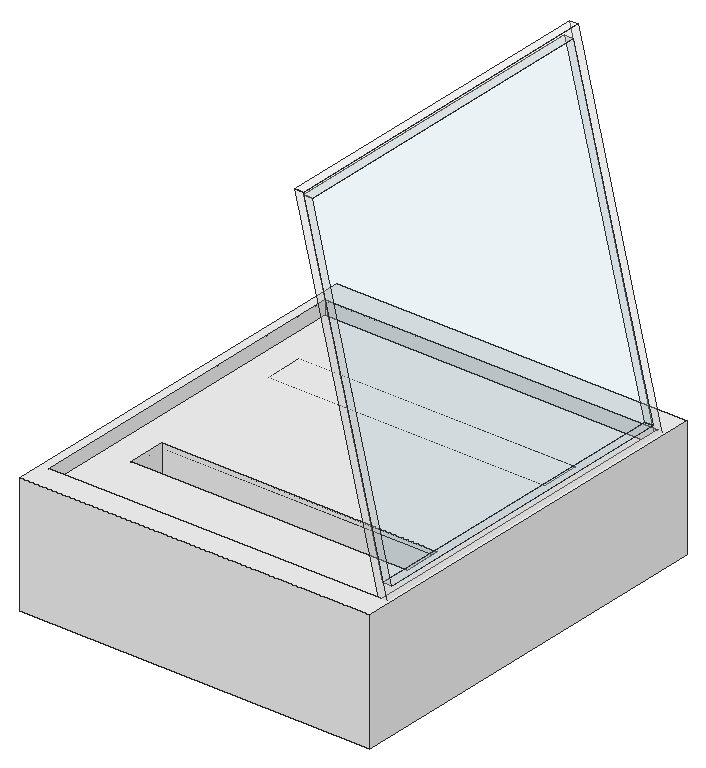
Revit family "Building-SurfaceMountingEnclosures-GEWISS-40CDK-ENCLOSURES_IP65_2X", category Apparecchi elettrici, host Superficie, Revit 2016
Family settings
  Host = Superficie
  Mantenere orientamento annotazione = Sì
  Tipo di parte = Normale
  Quota connettore circolare = Usa diametro
  Numero OmniClass = 23.80.30.11.17
  Titolo OmniClass = Distribution Boards and Control Panels
  Taglio con vuoti quando caricato = No
  Condiviso = No
  Punto di calcolo locali = Sì
Parameters (values of type "GW40107 - SUR. MOU. DISTRIB.BOARD 36M.(18X2) IP65")
  voltaggio_quadro = 0 V
  fase1 = 0 VA
  Version file RFA = "18.0"
  VISIBILITA'_QUADRO_IN PIANTA [instance] = yes
  VISIBILITA'_ETICHETTA QUADRO [instance] = yes
  URL = "https://www.gewiss.com/ww/en"
  Type of material = "Halogen-free in compliance with EN 60754-2"
  Thermo-pressure with ball = "70 °C"
  Technical sheet = "https://www.gewiss.com/ww/en/search?q=GW40107"
  Standard. = "EN 60670-1 (CEI 23-48) IEC60670-24 CEI 23-49"
  Standard = "EN 60670-1 (CEI 23-48) IEC60670-24 CEI 23-49"
  Spostamento_x [instance] = 1000 mm
  Spostamento_effettivo_x [instance] = 1000 mm + Spostamento_x  # 2000 mm
  Spostamento_effettivo_x_ET [instance] = 1000 mm + Spostamento_x_ET  # 2000 mm
  Spostamento_x_ET = 1000 mm
  VISIBILITA'_SPORTELLO [instance] = yes
  VISIBILITA'_SIMBOLO_2D [instance] = yes
  Shock resistance = "IK09"
  SEO = "Board"
  Realized by GEWISS S.p.A. = ""
  Rated voltage = "400V"
  Rated insulation voltage (Ui) = "1000 V"
  Rated current: = "125A"
  QUADRO = FINITURA BIANCA
  Default Elevation = 1219.2 mm
  Prondita_quadro = 140 mm  # constant formula
  Produttore = "GEWISS S.p.A."
  Outer dim. LxHxD (mm) = "410x463x140"
  Operating temperature = "-25 +60 °C"
  Nome quadro [instance] = "Nome quadro"
  No. of modules EN 50022: = "36 (18x2)"
  No. of modules EN 50022 = "36 (18x2)"
  N.M. = 18
  Modello = "GW40107"
  Max. installable terminal blocks = "2 x18 modules"
  L_quadro = 410 mm
  L_finestratura = Dimensione_modulo * N.M.  # 324 mm
  Insulation voltage: = "1000 V according to EN 62208 both in ac as well as in dc"
  Insulation class = "II (according to IEC 61140 standards)"
  IP degree = "IP65"
  IDT = "3c4ae22a-7553-4dc5-ae30-2fcf832f6236"
  IDF = "c9111f78-cd34-4720-8eaa-3ea709ebd2d3"
  H_quadro = 463 mm
  H_finestratura = 45 mm  # constant formula
  Glow Wire Test = "650°C"
  Electrocod = "0321"
  EAN code = "8011564062221"
  Door colour = "Smoked Transparent"
  Dispersible power (W) = "43"
  Dimensione_modulo = 18 mm
  Diametro_tubazione = 30 mm
  Descrizione = "SUR. MOU. DISTRIB.BOARD 36M.(18X2) IP65"
  Colour = "Grey RAL 7035"
  Catalogue Range = "40 CDK"
  Catalogue = "BUILDING"
  COBie.Tagnumber = ""
  COBie.CreatedOn = ""
  COBie.CreatebBy = ""
  COBie.ComponentRegisterItemID = ""
  COBie.Component.TagNumber = ""
  COBie.Component.Space = ""
  COBie.Component.SerialNumber = ""
  COBie.Component.InstallationDate = ""
  COBie.Component.Description = ""
  COBie.Component.BarCode = ""
  Apertura [instance] = 45.00°
  Accessories for insulation restoring = "Screwcaps (GW44623) or fixing brackets in resin (GW44621)"
Types (2, lengths in mm): name | Technical sheet | Outer dim. LxHxD (mm) | No. of modules EN 50022: | No. of modules EN 50022 | N.M. | Modello | Max. installable terminal blocks | L_quadro | L_finestratura | IDT | H_quadro | EAN code | Dispersible power (W) | Descrizione
  GW40104 - SUR. MOU. DISTRIB.BOARD 24M.(12X2) IP65 | "https://www.gewiss.com/ww/en/search?q=GW40104" | "298x420x140" | "24 (12X2)" | "24" | 12 | "GW40104" | "2 x 12 modules" | 280 | 216 | "a213a277-fb7b-45c7-b5b3-717e799144de" | 420 | "8011564062207" | "32" | "SUR. MOU. DISTRIB.BOARD 24M.(12X2) IP65"
  GW40107 - SUR. MOU. DISTRIB.BOARD 36M.(18X2) IP65 | "https://www.gewiss.com/ww/en/search?q=GW40107" | "410x463x140" | "36 (18x2)" | "36 (18x2)" | 18 | "GW40107" | "2 x18 modules" | 410 | 324 | "3c4ae22a-7553-4dc5-ae30-2fcf832f6236" | 463 | "8011564062221" | "43" | "SUR. MOU. DISTRIB.BOARD 36M.(18X2) IP65"
Reference planes
  plane 1 "Centro (Fronte/Retro)": y = 0
  plane 2: z = 0
  plane 3 "Centro (Sinistra/Destra)": x = 0
  plane 4: x = -205
  plane 5: y = -231.5
  plane 6: x = 205
  plane 7: y = 231.5
  plane 8: x = -162
  plane 9: x = 162
  plane 10: z = 140
  plane 11: y = 201.5
  plane 12: y = -201.5
  plane 13 "POSIZIONE": z = 124
  plane 14: z = 84
  plane 15: z = 119
  plane 16: x = -2000
  plane 17: x = 0
  plane 18: y = 189.526
  plane 19: z = 534
  plane 20: y = -100.75
  plane 21: y = 100.75
  plane 22: y = -78.25
  plane 23: y = -123.25
  plane 24: y = 78.25
  plane 25: y = 123.25
  plane 26: y = 37.5
  plane 27: x = -195
  plane 28: x = 195
  plane 29: x = 0
  plane 30: y = -37.5
  plane 31: y = 191.5
  plane 32: y = -191.5
Forms (mm)
  Extrusion 1, solid, material "FINITURA BIANCA" <- "QUADRO"
    sketch origin (0, 0, 0) x (1, 0, 0) y (0, 1, 0)
      loop
        line (-205, 231.5) -> (-205, -231.5) -> (205, -231.5) -> (205, 231.5) -> (-205, 231.5)
    from 0 to 140
  Extrusion 2, void
    sketch origin (0, 0, 0) x (1, 0, 0) y (0, 1, 0)
      loop
        line (-195, 201.5) -> (-195, -201.5) -> (195, -201.5) -> (195, 201.5) -> (-195, 201.5)
    from 124 to 140
  Extrusion 3, void
    sketch origin (0, 0, 0) x (1, 0, 0) y (0, 1, 0)
      loop
        line (-162, -78.25) -> (-162, -123.25) -> (162, -123.25) -> (162, -78.25) -> (-162, -78.25)
    from 84 to 140
  Extrusion 4, solid, material "Default - Vetro", visible <- "VISIBILITA'_SPORTELLO"
    sketch origin (23.292, 0, -21.697) x (0.970296, 0, 0.241922) y (-0.241922, 0, 0.970296)
      loop
        line (211.558, 97.41) -> (211.558, 519.962) -> (201.558, 522.455) -> (201.558, 99.903) -> (211.558, 97.41)
    from -201.5 to 201.5
  Extrusion 5, void
    sketch origin (0, 155, 0) x (1, 0, 0) y (0, 1, 0)
      loop
        line (-162, -31.75) -> (-162, -76.75) -> (162, -76.75) -> (162, -31.75) -> (-162, -31.75)
    from 44 to 100
  Extrusion 6, solid, material "SUP_TRASPARENTE"
    sketch origin (0, 0, 124) x (-1, 0, 0) y (0, -1, 0)
      loop
        line (162, -123.25) -> (162, -78.25) -> (-162, -78.25) -> (-162, -123.25) -> (162, -123.25)
      loop
        line (162, 78.25) -> (162, 123.25) -> (-162, 123.25) -> (-162, 78.25) -> (162, 78.25)
    from -5 to 0
  Extrusion 7, void
    sketch origin (0, 0, 0) x (1, 0, 0) y (0, 0, 1)
      loop
        line (198.517, 150) -> (105.269, 524) -> (94.963, 524) -> (188.211, 150) -> (198.517, 150)
    from -191.5 to 191.5
  Extrusion 8, solid, material "Vetro", visible <- "VISIBILITA'_SPORTELLO"
    sketch origin (0, 0, 0) x (1, 0, 0) y (0, 0, 1)
      loop
        line (94.963, 524) -> (188.211, 150) -> (198.517, 150) -> (105.269, 524) -> (94.963, 524)
    from -191.5 to 191.5
Cuts and joins
  Extrusion 2, Extrusion 3, Extrusion 5 cuts Extrusion 1
  Extrusion 7 cuts Extrusion 4
Lines and regions (mm)
  Masking region 1, visible <- "VISIBILITA'_QUADRO_IN PIANTA"
    outline origin (0, 0, 0) x (1, 0, 0) y (0, 0, 1)
      loop
        line (-205, 140) -> (-205, 0) -> (205, 0) -> (205, 140) -> (-205, 140)
  symbolic lines, visible <- "VISIBILITA'_QUADRO_IN PIANTA"
    curve 1: arc (-205, 0, 140) -> (-173.791, 0, 296.9) -> (-84.914, 0, 429.914) r 410
    curve 2: line (-84.914, 0, 429.914) -> (205, 0, 140)
  model lines, style "InvisibleLines"
    curve 3: line (-162, -100.75, 124) -> (162, -100.75, 124)
    curve 4: line (-162, 100.75, 124) -> (162, 100.75, 124)
Dimensions and locks
  equal spacing: plane 8, plane 3 "Centro (Sinistra/Destra)", plane 9
  equal spacing: plane 4, plane 3 "Centro (Sinistra/Destra)", plane 6
  equal spacing: plane 7, plane 1 "Centro (Fronte/Retro)", plane 5
  "L_quadro": plane 4 to plane 6
  "H_quadro": plane 7 to plane 5
  "Prondita_quadro": plane 10 to plane 2
  "L_finestratura": plane 8 to plane 9
  locked: plane 7 to plane 11 at 30
  locked: plane 12 to plane 5 at 30
  locked: plane 13 "POSIZIONE" to plane 14 at 40
  locked: plane 10 to plane 13 "POSIZIONE" at 16
  locked: plane 13 "POSIZIONE" to plane 15 at 5
  plane 16 to plane 3 "Centro (Sinistra/Destra)" = 2000 mm
  "Spostamento_effettivo_x": plane 16 to plane 17
  "L_quadro": plane 19 to plane 13 "POSIZIONE"
  equal spacing: plane 12, plane 20, plane 1 "Centro (Fronte/Retro)"
  equal spacing: plane 11, plane 21, plane 1 "Centro (Fronte/Retro)"
  equal spacing: plane 22, plane 20, plane 23
  equal spacing: plane 25, plane 21, plane 24
  "H_finestratura": plane 25 to plane 24
  "H_finestratura": plane 22 to plane 23
  locked: plane 4 to plane 27 at 10
  locked: plane 28 to plane 6 at 10
  "Spostamento_effettivo_x_ET": plane 16 to plane 29
  equal spacing: plane 30, plane 1 "Centro (Fronte/Retro)", plane 26
  locked: Extrusion 7 sketch curve to plane 10 at 10
  locked: plane 19 to Extrusion 7 sketch curve at 10
  locked: plane 32 to plane 12 at 10
  locked: plane 11 to plane 31 at 10
  locked: plane 30 to plane 26 at 75
  "Apertura": angle curve 1 to curve 1
  aligned and locked: plane 2 to host face
  aligned and locked: level to host face
  aligned and locked: Extrusion 1 sketch curve to plane 4
  aligned and locked: Extrusion 1 sketch curve to plane 7
  aligned and locked: Extrusion 1 sketch curve to plane 6
  aligned and locked: Extrusion 1 sketch curve to plane 5
  aligned and locked: plane 10 to Extrusion 1
  aligned and locked: Extrusion 2 sketch curve to plane 11
  aligned and locked: Extrusion 2 sketch curve to plane 12
  aligned and locked: Extrusion 2 to plane 13 "POSIZIONE"
  aligned and locked: plane 10 to Extrusion 2
  aligned and locked: Extrusion 3 sketch curve to plane 8
  aligned and locked: Extrusion 3 sketch curve to plane 9
  aligned and locked: Extrusion 3 to plane 14
  aligned and locked: plane 10 to Extrusion 3
  aligned and locked: Masking region 1 sketch curve to plane 4
  aligned and locked: Masking region 1 sketch curve to plane 6
  aligned and locked: Masking region 1 sketch curve to level
  aligned and locked: Masking region 1 sketch curve to plane 10
  aligned and locked: plane 11 to Extrusion 4
  aligned and locked: Extrusion 4 to plane 12
  aligned and locked: Extrusion 4 sketch curve to plane 13 "POSIZIONE"
  aligned and locked: plane 6 to Extrusion 4 sketch curve
  aligned and locked: Extrusion 4 sketch curve to plane 19
  aligned and locked: plane 10 to curve 2
  aligned and locked: plane 8 to curve 3
  aligned and locked: plane 9 to curve 3
  aligned and locked: plane 17 to nested 2
  aligned and locked: Extrusion 3 to plane 23
  aligned and locked: plane 22 to Extrusion 3
  aligned and locked: cut or joined group of Extrusion 1, Extrusion 2, Extrusion 3, Extrusion 5 to plane 25
  aligned and locked: cut or joined group of Extrusion 1, Extrusion 2, Extrusion 3, Extrusion 5 to plane 24
  aligned and locked: curve 3 to plane 20
  aligned and locked: curve 4 to plane 21
  aligned and locked: Extrusion 2 sketch curve to plane 27
  aligned and locked: Extrusion 2 sketch curve to plane 28
  aligned and locked: Extrusion 6 sketch curve to plane 25
  aligned and locked: Extrusion 6 sketch curve to plane 24
  aligned and locked: Extrusion 6 sketch curve to plane 8  (x2)
  aligned and locked: Extrusion 6 sketch curve to plane 9  (x2)
  aligned and locked: Extrusion 6 sketch curve to plane 22
  aligned and locked: Extrusion 6 sketch curve to plane 23
  aligned and locked: Extrusion 6 to plane 15
  aligned and locked: plane 13 "POSIZIONE" to Extrusion 6
  aligned and locked: plane 29 to nested 1
  aligned and locked: Extrusion 4 to Extrusion 7 sketch curve  (x2)
  aligned and locked: plane 31 to Extrusion 7
  aligned and locked: Extrusion 7 to plane 32
  aligned and locked: cut or joined group of Extrusion 4, Extrusion 7 to Extrusion 8 sketch curve  (x2)
  aligned and locked: Extrusion 8 sketch curve to cut or joined group of Extrusion 4, Extrusion 7  (x2)
  aligned and locked: plane 31 to Extrusion 8
  aligned and locked: Extrusion 8 to plane 32
Automatic sketch dimensions
  host sketch curve to host sketch curve = 2438.4 mm  (x2)
  Extrusion 4 sketch curve to Extrusion 4 sketch curve = 10 mm
  Extrusion 3 sketch curve to plane 23 = 0 mm
  Extrusion 3 sketch curve to plane 22 = 0 mm
  curve 4 to plane 9 = 0 mm
  curve 4 to plane 8 = 0 mm
  Extrusion 5 sketch curve to plane 8 = 0 mm
  Extrusion 5 sketch curve to plane 9 = 0 mm
  Extrusion 5 sketch curve to plane 24 = 0 mm
  Extrusion 5 sketch curve to plane 25 = 0 mm
  curve 1 to plane 4 = 0 mm
  plane 6 to curve 2 = 0 mm
  plane 6 to curve 1 = 0 mm
  curve 1 to plane 10 = 0 mm
Nested families
  nested 1: "etichetta quadro" at (0, 185.807, 0), visible <- "VISIBILITA'_ETICHETTA QUADRO", type "etichetta quadro"
  nested 2: "CENTRALINO" at (0, 396.712, 0), SIMBOLO ACCESO <- "VISIBILITA'_SIMBOLO_2D", type "CENTRALINO"
    with SIMBOLO ACCESO yes, BORDO ACCESO yes
Connectors
  electrical at (0, -231.5, 70), driven by "voltaggio_quadro", driven by "fase1"
    settings: on cut or joined group of Extrusion 1, Extrusion 2, Extrusion 3, Extrusion 5, index 1, voltage 0 V, apparent load 0 VA, apparent load phase1 0 VA, apparent load phase2 0 VA, apparent load phase3 0 VA, power factor 1, load classification "Altro", number of poles 1, system type 31, power factor state 1, is connector primary yes, connector utility no, sub classification motor no, connector description ""
  cabletrayconduit at (0, 231.5, 70), diameter 30, driven by "Diametro_tubazione"
    settings: on cut or joined group of Extrusion 1, Extrusion 2, Extrusion 3, Extrusion 5, index 2, connector width 300 mm, connector height 300 mm, connector angle 0.00°, system type 32, placement type 0, profile type 0, connector reference index -1, is primary connector yes, connector utility param no, connector description ""
Definition of nested family "etichetta quadro"
  Parameters (values of type "etichetta quadro")
    Nome Quadro = "Nome quadro"
  Reference planes
    plane 1: y = 0
    plane 2: x = 0
  Text (mm)
    label "QE" at (0.542, 2.149, 0), shows "Nome Quadro"
Definition of nested family "CENTRALINO"
  Parameters (values of type "CENTRALINO")
    SIMBOLO ACCESO [instance] = yes
    Distanza dal muro = 4.208 mm
    BORDO ACCESO [instance] = yes
  Reference planes
    plane 1: y = 0
    plane 2: x = 0
  Lines and regions (mm)
    detail lines, visible <- "BORDO ACCESO", not visible
      curve 1: line (-2.443, 10.208, 0) -> (2.057, 10.208, 0)
      curve 2: line (2.057, 10.208, 0) -> (2.057, 4.208, 0)
      curve 3: line (2.057, 4.208, 0) -> (-2.443, 4.208, 0)
      curve 4: line (-2.443, 4.208, 0) -> (-2.443, 10.208, 0)
      curve 5: line (-2.043, 9.808, 0) -> (1.657, 9.808, 0)
      curve 6: line (1.657, 9.808, 0) -> (1.657, 4.608, 0)
      curve 7: line (1.657, 4.608, 0) -> (-2.043, 4.608, 0)
      curve 8: line (-2.043, 4.608, 0) -> (-2.043, 9.808, 0)
    detail lines, visible <- "SIMBOLO ACCESO"
      curve 9: line (0, 1.086, 0) -> (0, 0.282, 0)
      curve 10: line (0.79, 1.086, 0) -> (0.79, 1.877, 0)
      curve 11: line (0.79, 1.877, 0) -> (-0.79, 1.877, 0)
      curve 12: line (-0.79, 1.877, 0) -> (-0.79, 1.086, 0)
      curve 13: line (-0.79, 1.086, 0) -> (0.79, 1.086, 0)
      curve 14: line (0.596, 1.877, 0) -> (0.596, 2.682, 0)
      curve 15: line (0.201, 1.877, 0) -> (0.201, 2.682, 0)
      curve 16: line (-0.194, 1.877, 0) -> (-0.194, 2.682, 0)
      curve 17: line (-0.59, 1.877, 0) -> (-0.59, 2.682, 0)
